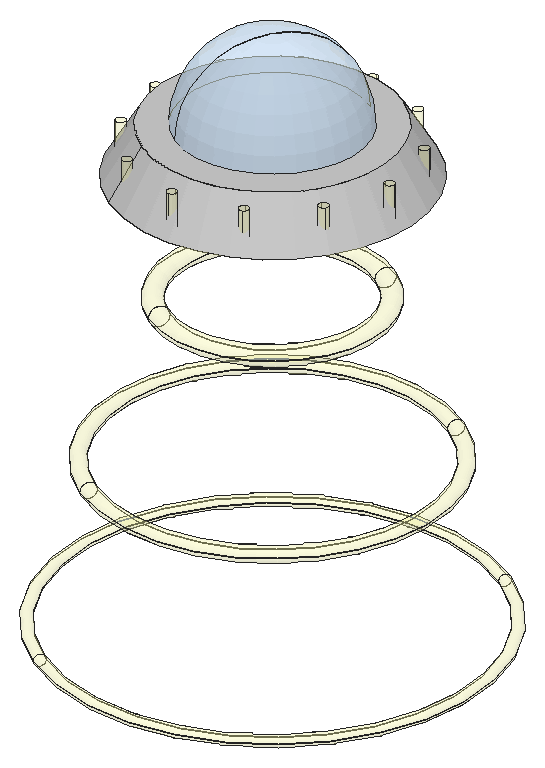
Revit family "UFO", category Generic Models, Revit 2020
Family settings
  Can host rebar = No
  Round Connector Dimension = Use Diameter
  Part Type = Normal
  Work Plane-Based = No
  Always vertical = Yes
  Cut with Voids When Loaded = No
  Shared = No
  Room Calculation Point = No
Parameters (values of type "UFO_main")
  show_beam [instance] = yes
  angle [instance] = 58.00°
  Default Elevation = 0 mm
Reference planes
  plane 1 "Center (Front/Back)": y = 0
  plane 2: z = 0
  plane 3 "Center (Left/Right)": x = 0
Lines and regions (mm)
  reference lines
    curve 1: line (0, 0, 0) -> (1006.847, 1611.291, 0)
Dimensions and locks
  "angle": angle plane 1 "Center (Front/Back)" to curve 1
  aligned and locked: plane 2 to level
  aligned and locked: plane 1 "Center (Front/Back)" to curve 1
  aligned and locked: plane 3 "Center (Left/Right)" to curve 1
  aligned and locked: nested 1 to curve 1  (x2)
Nested families
  nested 1: "UFO_unit" at (0, 0, 6000) x (0.5299, 0.848, 0) z (0, 0, 1), show_beam <- "show_beam", type "UFO_unit"
Definition of nested family "UFO_unit"
  Parameters (values of type "UFO_unit")
    show_beam [instance] = yes
    Default Elevation = 0 mm
  Reference planes
    plane 1 "Center (Front/Back)": y = 0
    plane 2: z = 0
    plane 3 "Center (Left/Right)": x = 0
  Forms (mm)
    Blend 1, solid
      base sketch origin (0, 0, 0) x (1, 0, 0) y (0, 1, 0)
        loop
          circle (0, 0) r 1500
      top sketch origin (0, 0, 0) x (1, 0, 0) y (0, 1, 0)
        loop
          circle (0, 0) r 1200
      from 0 to 500
    Revolve 2, solid
      sketch origin (0, 0, 0) x (1, 0, 0) y (0, 0, 1)
        loop
          arc (900, 500) -> (636.396, 1136.396) -> (0, 1400) r 900
          line (0, 1400) -> (0, 500) -> (900, 500)
        axis (0, 1400) -> (0, 500)
      angle from 0 to 360
    Extrusion 3, solid
      sketch origin (-900, 0, 0) x (1, 0, 0) y (0, 1, 0)
        loop
          circle (2234.357, 0) r 50
      from 50 to 400
    Extrusion 4, solid
      sketch origin (-779.423, 450, 0) x (0.866025, -0.5, 0) y (0.5, 0.866025, 0)
        loop
          circle (2234.357, 0) r 50
      from 50 to 400
    Extrusion 5, solid
      sketch origin (-779.423, -450, 0) x (0.866025, 0.5, 0) y (-0.5, 0.866025, 0)
        loop
          circle (2234.357, 0) r 50
      from 50 to 400
    Extrusion 6, solid
      sketch origin (-450, -779.423, 0) x (0.5, 0.866025, 0) y (-0.866025, 0.5, 0)
        loop
          circle (2234.357, 0) r 50
      from 50 to 400
    Extrusion 7, solid
      sketch origin (0, -900, 0) x (0, 1, 0) y (-1, 0, 0)
        loop
          circle (2234.357, 0) r 50
      from 50 to 400
    Extrusion 8, solid
      sketch origin (450, -779.423, 0) x (-0.5, 0.866025, 0) y (-0.866025, -0.5, 0)
        loop
          circle (2234.357, 0) r 50
      from 50 to 400
    Extrusion 9, solid
      sketch origin (779.423, -450, 0) x (-0.866025, 0.5, 0) y (-0.5, -0.866025, 0)
        loop
          circle (2234.357, 0) r 50
      from 50 to 400
    Extrusion 10, solid
      sketch origin (900, 0, 0) x (-1, 0, 0) y (0, -1, 0)
        loop
          circle (2234.357, 0) r 50
      from 50 to 400
    Extrusion 11, solid
      sketch origin (779.423, 450, 0) x (-0.866025, -0.5, 0) y (0.5, -0.866025, 0)
        loop
          circle (2234.357, 0) r 50
      from 50 to 400
    Extrusion 12, solid
      sketch origin (450, 779.423, 0) x (-0.5, -0.866025, 0) y (0.866025, -0.5, 0)
        loop
          circle (2234.357, 0) r 50
      from 50 to 400
    Extrusion 13, solid
      sketch origin (0, 900, 0) x (0, -1, 0) y (1, 0, 0)
        loop
          circle (2234.357, 0) r 50
      from 50 to 400
    Extrusion 14, solid
      sketch origin (-450, 779.423, 0) x (0.5, -0.866025, 0) y (0.866025, 0.5, 0)
        loop
          circle (2234.357, 0) r 50
      from 50 to 400
    Sweep 15, solid, visible <- "show_beam"
      path in 3D
        loop
          arc (-500, 0, 0) -> (0, -500, 0) -> (500, 0, 0) r 500
          arc (500, 0, 0) -> (0, 500, 0) -> (-500, 0, 0) r 500
      profile "profile : DD" origin (0, 500, 0) x (0, -1, 0) y (0, 0, 1)
        loop
          circle (-1629.857, -4421.73) r 60
        loop
          circle (-1183.611, -2822.233) r 80
        loop
          circle (-537.701, -1215.914) r 100
  Lines and regions (mm)
    reference lines
      curve 1: circle (0, 0, 0) r 500 normal (0, 0, 1)
    sketch lines
      curve 2: circle (0, 0, 0) r 500 normal (0, 0, 1)
  Dimensions and locks
    aligned and locked: plane 2 to level
